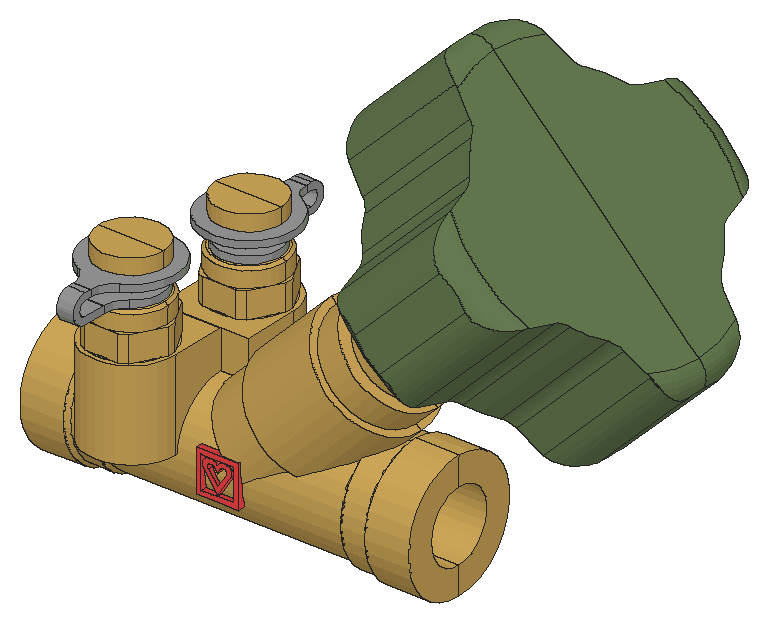
Revit family "HERZ Commissioning Valve With Metering Station For Drinking Water Systems 4017 MW (LF-MF)", category Rohrzubehör, Revit 2020
Family settings
  Bemaßung runder Anschluss = Durchmesser verwenden
  Teiletyp = Unterbricht
  OmniClass-Nummer = 23.65.55.14
  OmniClass-Titel = Valves for Liquid Services
  Arbeitsebenenbasiert = Nein
  Immer vertikal = Ja
  Beim Laden mit Abzugskörper schneiden = Nein
  Gemeinsam genutzt = Nein
Parameters (values of type "LF")
  kvs-value [instance] = if(and(Nennweite = 15.000 mm, LF), 0.46, if(and(Nennweite = 15.000 mm, MF), 0.88, 0))  # 0.46
  kv-value of the orifice [instance] = if(and(Nennweite = 15.000 mm, LF), 0.48, if(and(Nennweite = 15.000 mm, MF), 0.97, 0))  # 0.48
  W01 = 45.00°  # constant formula
  Vorgabe-Ansicht = 0.000 mm
  URL = "www.herzvalves.com"
  SW01 = 60.00°  # constant formula
  SCRNSEQ = "FW;SBT_TYP_FW=\"109\";2"
  SCRNCODE = "04;00;02"  # constant formula
  S03 = 60.000 mm  # constant formula
  S02 [instance] = L04 + L06 + L07  # 76.800 mm
  S01 [instance] = D01 * 2  # 27.000 mm
  R03 = 21.500 mm  # constant formula
  R02 = 9.500 mm  # constant formula
  R01 = 12.000 mm  # constant formula
  O-Rings = "EPDM"  # constant formula
  Note = "Pursuant to Article 33 of the REACH Regulation (EC No. 1907/2006), we are obliged to point out that the material lead is listed on the SVHC list and that all brass components manufactured in our products exceed 0.1% (w / w) lead (CAS: 7439-92-1 / EINECS: 231-100-4).\r\nSince lead is a component part of an alloy, actual exposure is not possible and therefore no additional information on safe use is necessary."
  Model = "According to standard BS 7350 PN20 Series B\r\nAngle seat regulating valve made of copper alloy.\r\nAll metal parts in contact with water are made of dezincification-resistant copper alloy.\r\nThe upper parts are equipped with non-rising stem."
  Medium = "Water"  # constant formula
  MF = no
  LF = yes
  L10 [instance] = 28.500 mm  # constant formula
  L09 [instance] = 22.500 mm  # constant formula
  L08 [instance] = 12.700 mm  # constant formula
  L07 [instance] = 35.100 mm  # constant formula
  L06 [instance] = 6.500 mm  # constant formula
  L05 [instance] = 20.200 mm  # constant formula
  L04 [instance] = 35.200 mm  # constant formula
  L03 [instance] = 1.000 mm  # constant formula
  Hand wheel = "plastic, green"  # constant formula
  H03 [instance] = H01 - 19.000 mm  # 1.000 mm
  H02 = 13.000 mm  # constant formula
  E01 [instance] = L00 / -2  # -41.500 mm
  E00 = 0.000 mm  # constant formula
  D09 [instance] = 11.750 mm  # constant formula
  D08 [instance] = 9.500 mm  # constant formula
  D07 [instance] = 12.000 mm  # constant formula
  D06 [instance] = 13.500 mm  # constant formula
  D05 [instance] = 12.500 mm  # constant formula
  D04 [instance] = Nennweite / 2  # 7.500 mm
  IG [instance] = Nennweite / 2  # 7.500 mm
  D03 [instance] = 11.900 mm  # constant formula
  D02 [instance] = 12.700 mm  # constant formula
  D01 [instance] = 13.500 mm  # constant formula
  Nennweite [instance] = 15.000 mm  # constant formula
  Max. differential pressure on closed seat = 1000000.0 Pa  # constant formula
  Max. operating temperature at 10 bar = 85 °C  # constant formula
  Max. operating pressure at 20°C = 2000000.0 Pa  # constant formula
  L02 [instance] = 5.000 mm  # constant formula
  L01 [instance] = 9.250 mm  # constant formula
  L00 [instance] = 83.000 mm  # constant formula
  Hersteller = "HERZ Armaturen Ges.m.b.H."  # constant formula
  H01 [instance] = 20.000 mm  # constant formula
  GT [instance] = 13.200 mm  # constant formula
  DN15 [instance] = Nennweite = 15.000 mm  # yes
  Body = "DZR brass"  # constant formula
  Bestellnummer [instance] = if(and(Nennweite = 15.000 mm, LF), 2401700, if(and(Nennweite = 15.000 mm, MF), 2401709, 0))  # 2401700
  Application = "For shutting off and regulating drinking water systems in buildings or for hydraulic balancing of supply lines."
Types (3, lengths in mm): name | kvs-value | kv-value of the orifice | MF | LF | Bestellnummer
  (no name) | 0.46 | 0.48 | no | yes | 2401700
  LF | 0.46 | 0.48 | no | yes | 2401700
  MF | 0.88 | 0.97 | yes | no | 2401709
Reference planes
  plane 1 "Mitte (Vorne/hinten)": y = 0
  plane 2: z = 0
  plane 3 "Mitte (Links/rechts)": x = 0
Forms (mm)
  Revolve 1, solid, material "Messing, weicher Gelbton, geschweißt", detail levels fine
    sketch origin (470, 0, 0) x (1, 0, 0) y (0, 0, 1)
      loop
        line (-511.5, 7.5) -> (-498.3, 7.5) -> (-498.3, 0) -> (-441.7, 0) -> (-441.7, 7.5) -> (-428.5, 7.5) -> (-428.5, 13.5) -> (-437.75, 13.5) -> (-438.55, 12.7) -> (-443.55, 12.7) -> (-444.35, 11.9) -> (-495.65, 11.9) -> (-496.45, 12.7) -> (-501.45, 12.7) -> (-502.25, 13.5) -> (-511.5, 13.5) -> (-511.5, 7.5)
      axis (-511.5, 0) -> (-428.5, 0)
    angle from 0 to 360
  Revolve 2, solid, material "Messing, weicher Gelbton, geschweißt", detail levels fine
    sketch origin (0.32, 0, -0.105) x (1, 0, 0) y (0, 0, 1)
      loop
        line (-1.32, 0.105) -> (52.986, 54.411) -> (44.677, 62.719) -> (35.697, 53.739) -> (37.288, 52.148) -> (21.449, 36.309) -> (19.681, 38.076) -> (15.085, 33.48) -> (14.024, 34.541) -> (-0.259, 20.257) -> (0.448, 19.55) -> (-7.098, 12.005) -> (-6.623, 5.408) -> (-1.32, 0.105)
      axis (-1.32, 0.105) -> (52.986, 54.411)
    angle from 0 to 360
  Extrusion 3, solid, material "Messing, weicher Gelbton, geschweißt", detail levels fine
    sketch origin (0, 0, 0) x (1, 0, 0) y (0, 1, 0)
      loop
        arc (-28.5, -12) -> (-19, -21.5) -> (-9.5, -12) r 9.5
        line (-9.5, -12) -> (-9.5, 0) -> (-28.5, 0) -> (-28.5, -12)
    from 1 <- "H03" to 20 <- "H01"
  Extrusion 4, solid, material "Messing, weicher Gelbton, geschweißt", detail levels fine
    sketch origin (0, 0, 0) x (1, 0, 0) y (0, 1, 0)
      loop
        line (-22.5, 12) -> (-22.5, 0) -> (-3.5, 0) -> (-3.5, 12)
        arc (-3.5, 12) -> (-13, 21.5) -> (-22.5, 12) r 9.5
    from 0 to 20 <- "H01"
Lines and regions (mm)
  model lines, detail levels coarse+medium
    curve 1: line (-41.5, 0, 13.5) -> (-41.5, 0, -13.5)
    curve 2: line (-41.5, 0, -13.5) -> (41.5, 0, 13.5)
    curve 3: line (41.5, 0, 13.5) -> (41.5, 0, -13.5)
    curve 4: line (41.5, 0, -13.5) -> (-41.5, 0, 13.5)
    curve 5: line (0, 0, 0) -> (38.4, 0, 66.511)
    curve 6: line (12.419, 0, 81.511) -> (64.381, 0, 51.511)
    curve 7: line (-41.5, -13.5, 0) -> (-41.5, 13.5, 0)
    curve 8: line (-41.5, 13.5, 0) -> (41.5, -13.5, 0)
    curve 9: line (41.5, -13.5, 0) -> (41.5, 13.5, 0)
    curve 10: line (41.5, 13.5, 0) -> (-41.5, -13.5, 0)
    curve 11: line (0, 0, 0) -> (38.4, 66.511, 0)
    curve 12: line (12.419, 81.511, 0) -> (64.381, 51.511, 0)
Dimensions and locks
  "L00": Revolve 1 sketch curve to Revolve 1 sketch curve
  equal spacing: Revolve 1 sketch curve, plane 3 "Mitte (Links/rechts)", Revolve 1 sketch curve
  "D01": Revolve 1 sketch curve to Revolve 1 sketch curve  (x2)
  "GT": Revolve 1 sketch curve to Revolve 1 sketch curve  (x2)
  "D06": Revolve 2 sketch curve to Revolve 2 sketch curve
  "D07": Revolve 2 sketch curve to Revolve 2 sketch curve
  "D08": Revolve 2 sketch curve to Revolve 2 sketch curve
  "D09": Revolve 2 sketch curve to Revolve 2 sketch curve
  equal spacing: curve 1, plane 3 "Mitte (Links/rechts)", curve 3
  "L00": curve 1 to curve 3
  equal spacing: curve 4, plane 2, curve 2
  "S01": curve 4 to curve 1
  "S01": curve 3 to curve 4
  equal spacing: curve 3, plane 2, curve 4
  "S02": curve 5 to curve 5
  equal spacing: curve 6, curve 5, curve 6
  "S03": curve 6 to curve 6
  equal spacing: curve 7, plane 3 "Mitte (Links/rechts)", curve 9
  "L00": curve 7 to curve 9
  equal spacing: curve 10, plane 1 "Mitte (Vorne/hinten)", curve 8
  "S01": curve 8 to curve 10
  equal spacing: curve 9, plane 1 "Mitte (Vorne/hinten)", curve 10
  "S01": curve 10 to curve 9
  "S02": curve 11 to curve 11
  equal spacing: curve 12, curve 11, curve 12
  "S03": curve 12 to curve 12
  "L01": Revolve 1 sketch curve to Revolve 1 sketch curve  (x2)
  "D02": Revolve 1 sketch curve to plane 2  (x2)
  "D03": Revolve 1 sketch curve to plane 2
  "IG": Revolve 1 sketch curve to plane 2  (x2)
  "L02": Revolve 1 sketch curve to Revolve 1 sketch curve  (x2)
  "L04": Revolve 2 sketch curve to Revolve 2 sketch curve
  "L05": Revolve 2 sketch curve to Revolve 2 sketch curve
  "D03": Revolve 2 sketch curve to plane 2
  "L06": Revolve 2 sketch curve to Revolve 2 sketch curve
  "L08": Revolve 2 sketch curve to Revolve 2 sketch curve
  "L07": Revolve 2 sketch curve to Revolve 2 sketch curve
  "D04": Revolve 2 sketch curve to Revolve 2 sketch curve
  "D05": Revolve 2 sketch curve to Revolve 2 sketch curve
  "L03": plane 3 "Mitte (Links/rechts)" to Revolve 2 sketch curve  (x2)
  "D03": nested 1 to plane 1 "Mitte (Vorne/hinten)"
  "L09": Revolve 1 to Extrusion 3 sketch curve
  "R01": Extrusion 3 sketch curve to plane 1 "Mitte (Vorne/hinten)"
  "R01": plane 1 "Mitte (Vorne/hinten)" to Extrusion 4 sketch curve
  "L10": Revolve 1 to Extrusion 4 sketch curve
  "H01": nested 3 to plane 2
  "H01": nested 2 to plane 2
  "R01": nested 3 to plane 1 "Mitte (Vorne/hinten)"
  "R01": plane 1 "Mitte (Vorne/hinten)" to nested 2
  "L10": Revolve 1 to nested 2
  "L09": Revolve 1 to nested 3
  "R02": radius of Extrusion 3 sketch curve
  "R02": radius of Extrusion 4 sketch curve
  "W01": angle level to Revolve 2 sketch curve
  "SW01": angle plane 2 to curve 5
  "SW01": angle plane 1 "Mitte (Vorne/hinten)" to curve 11
  "W01": angle Revolve 1 sketch curve to Revolve 1 sketch curve  (x4)
  "W01": angle plane 2 to Revolve 2 sketch curve
  aligned and locked: level to plane 2
Automatic sketch dimensions
  curve 5 to level = 0.000 mm
  plane 1 "Mitte (Vorne/hinten)" to curve 11 = 0.000 mm
  Revolve 1 sketch curve to level = 0.000 mm  (x2)
  Revolve 1 sketch curve to Revolve 1 sketch curve = 791.990 mm
  Revolve 1 sketch curve to Revolve 1 sketch curve = 2278.983 mm
  Revolve 2 sketch curve to level = 0.000 mm  (x2)
  plane 1 "Mitte (Vorne/hinten)" to Extrusion 3 sketch curve = 0.000 mm
  plane 1 "Mitte (Vorne/hinten)" to Extrusion 4 sketch curve = 0.000 mm
Nested families
  nested 1: "Herz-Logo-vorne" at (0, -11.9, 0) x (0, 1, 0) z (0, 0, 1), type "Herz-Logo-vorne", detail levels fine
  nested 2: "Messstutzen_Band_Austritt_senkrecht_(oben)" at (-13, 12, 2.5), type "Messstutzen_Band_Austritt_senkrecht_(oben)"
    with Schutzkappe yes, Nennweite 0.000 mm, Gewicht 0.00 kg, Bestellnummer 0
  nested 3: "Messstutzen_Band_Eintritt_senkrecht_(oben)" at (-19, -12, 2.5) x (-1, 0, 0) z (0, 0, 1), type "Messstutzen_Band_Eintritt_senkrecht_(oben)"
    with Schutzkappe yes, Nennweite 0.000 mm, Gewicht 0.00 kg, Bestellnummer 0
  nested 4: "Strangregulierventil-Handrad (Grün) DN15-DN32" at (53.306, 0, 54.306), visible <- "DN15", type "Strangregulierventil-Handrad (Grün) DN15-DN32"
    with Nennweite 0.000 mm, Gewicht 0.00 kg, Bestellnummer 0
Connectors
  piping at (-28.3, 0, 0), diameter 15, driven by "Nennweite"
    settings: on Revolve 1, index 1, connector inside diameter 609.6 mm, connector length 0.000 mm, flow factor 0, pipe flow 0.0 L/s, pressure drop 0.0 Pa, fitting loss kfactor 0, connector angle 0.00°, fixture units 0, engagement length 0.000 mm, angle of deflection 0.00°, flow configuration 0, flow direction 1, fitting loss method 0, system type 29, joint type 0, gender type 0, connector reference index -1, connector utility 0, adjustable connector no, is connector primary yes, connector description ""
  piping at (28.3, 0, 0), diameter 15, driven by "Nennweite"
    settings: on Revolve 1, index 2, connector inside diameter 609.6 mm, connector length 0.000 mm, flow factor 0, pipe flow 0.0 L/s, pressure drop 0.0 Pa, fitting loss kfactor 0, connector angle 0.00°, fixture units 0, engagement length 0.000 mm, angle of deflection 0.00°, flow configuration 0, flow direction 2, fitting loss method 0, system type 29, joint type 0, gender type 0, connector reference index -1, connector utility 0, adjustable connector no, is connector primary no, connector description ""
Definition of nested family "Herz-Logo-vorne"
  Parameters (values of type "Herz-Logo-vorne")
    Default Elevation = 0.000 mm
  Reference planes
    plane 1 "Mitte (Vorne/hinten)": y = 0
    plane 2: z = 0
    plane 3 "Mitte (Links/rechts)": x = 0
  Forms (mm)
    Extrusion 1, solid
      sketch origin (0.732, -0.018, 0.017) x (0, -1, 0) y (0, 0, 1)
        loop
          line (-0.018, -4.517) -> (4.482, -4.517) -> (4.482, 4.483) -> (-4.518, 4.483) -> (-4.518, -4.517) -> (-0.018, -4.517)
        loop
          line (-0.05, -3.48) -> (3.482, -3.48) -> (3.482, 3.483) -> (-3.518, 3.483) -> (-3.518, -3.48) -> (-0.05, -3.48)
        loop
          arc (-0.018, 2.383) -> (-1.543, 3.287) -> (-3.067, 2.383) r 1.738
          arc (-3.067, 2.383) -> (-3.191, 1.899) -> (-3.067, 1.415) r 1.009
          line (-3.067, 1.415) -> (-0.018, -3.281) -> (3.032, 1.415)
          arc (3.032, 1.415) -> (3.156, 1.899) -> (3.032, 2.383) r 1.009
          arc (3.032, 2.383) -> (1.507, 3.287) -> (-0.018, 2.383) r 1.738
        loop
          arc (1.885, 1.272) -> (2.005, 1.675) -> (1.885, 2.079) r 0.74
          arc (1.885, 2.079) -> (1.265, 2.416) -> (0.644, 2.079) r 0.74
          line (0.644, 2.079) -> (-0.018, 0.97) -> (-0.679, 2.079)
          arc (-0.679, 2.079) -> (-1.3, 2.416) -> (-1.921, 2.079) r 0.74
          arc (-1.921, 2.079) -> (-2.04, 1.675) -> (-1.921, 1.272) r 0.74
          line (-1.921, 1.272) -> (-0.018, -1.658) -> (1.885, 1.272)
      from 0 to 1.5
  Dimensions and locks
    aligned and locked: level to plane 2
Definition of nested family "Messstutzen_Band_Austritt_senkrecht_(oben)"
  Parameters (values of type "Messstutzen_Band_Austritt_senkrecht_(oben)")
    Default Elevation = 0.000 mm
    URL = "www.herz-armaturen.at"
    Schutzkappe [instance] = yes
    Nennweite [instance] = 0.000 mm
    Manufacturer = "Herz Armaturen GmbH"  # constant formula
    Gewicht [instance] = 0.00 kg
    Bestellnummer [instance] = 0
  Reference planes
    plane 1 "Mitte (Vorne/hinten)": y = 0
    plane 2: z = 0
    plane 3 "Mitte (Links/rechts)": x = 0
    plane 4 "Schlaufe 1": z = -27
    plane 5 "Schlaufe 2": z = -31.678
  Forms (mm)
    Revolve 1, solid, detail levels fine
      sketch origin (0, 0, 0) x (1, 0, 0) y (0, 0, 1)
        loop
          line (-7.4, 9) -> (-5.55, 9) -> (-5.55, 6)
          arc (-5.55, 6) -> (-5.626, 5.617) -> (-5.843, 5.293) r 1
          line (-5.843, 5.293) -> (-6.455, 4.681) -> (-6.455, 0.9) -> (-5.555, 0) -> (-2, 0) -> (-2, 17.5) -> (-8.4, 17.5)
          arc (-8.4, 17.5) -> (-7.693, 17.207) -> (-7.4, 16.5) r 1
          line (-7.4, 16.5) -> (-7.4, 9)
        loop
          line (-3.7, 27) -> (-7.3, 27) -> (-7.9, 26.4) -> (-7.9, 23) -> (-2, 23) -> (-2, 35.8) -> (-3.805, 35.8) -> (-4.415, 35.19) -> (-4.415, 30.863) -> (-3.7, 30.45) -> (-3.7, 27)
        axis (0, 0) -> (0, 35.8)
      angle from 0 to 360
    Extrusion 2, solid, detail levels fine
      sketch origin (0, 0, 17.5) x (0, 1, 0) y (-1, 0, 0)
        loop
          arc (-7.07, 5.156) -> (-7.578, 4.375) -> (-8, 3.544) r 8.75
          line (-8, 3.544) -> (-8, -3.544)
          arc (-8, -3.544) -> (-7.578, -4.375) -> (-7.07, -5.156) r 8.75
          line (-7.07, -5.156) -> (-0.93, -8.7)
          arc (-0.93, -8.7) -> (0, -8.75) -> (0.93, -8.7) r 8.75
          line (0.93, -8.7) -> (7.07, -5.156)
          arc (7.07, -5.156) -> (7.578, -4.375) -> (8, -3.544) r 8.75
          line (8, -3.544) -> (8, 3.544)
          arc (8, 3.544) -> (7.578, 4.375) -> (7.07, 5.156) r 8.75
          line (7.07, 5.156) -> (0.93, 8.7)
          arc (0.93, 8.7) -> (0, 8.75) -> (-0.93, 8.7) r 8.75
          line (-0.93, 8.7) -> (-7.07, 5.156)
      from 0 to 5.5
    Revolve 3, solid, visible <- "Schutzkappe", detail levels fine
      sketch origin (0, 0, 0) x (1, 0, 0) y (0, 0, 1)
        loop
          line (0, 35.878) -> (0, 36.678) -> (-7, 36.678) -> (-7, 33.378) -> (-6.1, 33.378) -> (-6.1, 31.678) -> (-6.9, 31.678) -> (-6.9, 30.178) -> (-4.415, 30.178) -> (-4.415, 35.268) -> (-3.805, 35.878) -> (0, 35.878)
        axis (0, 30.178) -> (0, 36.678)
      angle from 0 to 360
    Extrusion 4, solid, detail levels fine
      sketch origin (0, 0, 28.5) x (1, 0, 0) y (0, 1, 0)
        loop
          circle (0, 0) r 3.7
        loop
          arc (-3.906, 5.505) -> (0, -6.75) -> (3.906, 5.505) r 6.75
          arc (3.906, 5.505) -> (2.358, 7.288) -> (1.8, 9.582) r 5
          line (1.8, 9.582) -> (-1.8, 9.582)
          arc (-1.8, 9.582) -> (-2.358, 7.288) -> (-3.906, 5.505) r 5
      from 0 to -1.5
    Extrusion 5, solid, detail levels fine
      sketch origin (0, 0, 33.178) x (1, 0, 0) y (0, 1, 0)
        loop
          circle (0, 0) r 6.1
        loop
          arc (-4.495, 8.652) -> (0, -9.75) -> (4.495, 8.652) r 9.75
          arc (4.495, 8.652) -> (2.527, 10.493) -> (1.8, 13.089) r 5
          line (1.8, 13.089) -> (-1.8, 13.089)
          arc (-1.8, 13.089) -> (-2.527, 10.493) -> (-4.495, 8.652) r 5
      from 0 to -1.5
    Sweep 6, solid, detail levels fine
      path origin (0, 0, 0) x (0, 0, -1) y (0, -1, 0)
        loop
          line (-27.75, -9.582) -> (-27.75, -14.522)
          arc (-27.75, -14.522) -> (-30.089, -16.862) -> (-32.428, -14.522) r 2.339
          line (-32.428, -14.522) -> (-32.428, -13.089)
      profile origin (0, 12.052, 27.75) x (0, 0, 1) y (1, 0, 0)
        loop
          line (-0.75, -1.8) -> (0.75, -1.8) -> (0.75, 1.8) -> (-0.75, 1.8) -> (-0.75, -1.8)
  Dimensions and locks
    aligned and locked: level to plane 2
Definition of nested family "Messstutzen_Band_Eintritt_senkrecht_(oben)"
  Parameters (values of type "Messstutzen_Band_Eintritt_senkrecht_(oben)")
    Default Elevation = 0.000 mm
    URL = "www.herz-armaturen.at"
    Schutzkappe [instance] = yes
    Nennweite [instance] = 0.000 mm
    Manufacturer = "Herz Armaturen GmbH"  # constant formula
    Gewicht [instance] = 0.00 kg
    Bestellnummer [instance] = 0
  Reference planes
    plane 1 "Mitte (Vorne/hinten)": y = 0
    plane 2: z = 0
    plane 3 "Mitte (Links/rechts)": x = 0
    plane 4 "Schlaufe 1": z = -27
    plane 5 "Schlaufe 2": z = -31.678
  Forms (mm)
    Revolve 1, solid, detail levels fine
      sketch origin (0, 0, 0) x (1, 0, 0) y (0, 0, 1)
        loop
          line (-7.4, 9) -> (-5.55, 9) -> (-5.55, 6)
          arc (-5.55, 6) -> (-5.626, 5.617) -> (-5.843, 5.293) r 1
          line (-5.843, 5.293) -> (-6.455, 4.681) -> (-6.455, 0.9) -> (-5.555, 0) -> (-2, 0) -> (-2, 17.5) -> (-8.4, 17.5)
          arc (-8.4, 17.5) -> (-7.693, 17.207) -> (-7.4, 16.5) r 1
          line (-7.4, 16.5) -> (-7.4, 9)
        loop
          line (-3.7, 27) -> (-7.3, 27) -> (-7.9, 26.4) -> (-7.9, 23) -> (-2, 23) -> (-2, 35.8) -> (-3.805, 35.8) -> (-4.415, 35.19) -> (-4.415, 30.863) -> (-3.7, 30.45) -> (-3.7, 27)
        axis (0, 0) -> (0, 35.8)
      angle from 0 to 360
    Extrusion 2, solid, detail levels fine
      sketch origin (0, 0, 17.5) x (0, 1, 0) y (-1, 0, 0)
        loop
          arc (-7.07, 5.156) -> (-7.578, 4.375) -> (-8, 3.544) r 8.75
          line (-8, 3.544) -> (-8, -3.544)
          arc (-8, -3.544) -> (-7.578, -4.375) -> (-7.07, -5.156) r 8.75
          line (-7.07, -5.156) -> (-0.93, -8.7)
          arc (-0.93, -8.7) -> (0, -8.75) -> (0.93, -8.7) r 8.75
          line (0.93, -8.7) -> (7.07, -5.156)
          arc (7.07, -5.156) -> (7.578, -4.375) -> (8, -3.544) r 8.75
          line (8, -3.544) -> (8, 3.544)
          arc (8, 3.544) -> (7.578, 4.375) -> (7.07, 5.156) r 8.75
          line (7.07, 5.156) -> (0.93, 8.7)
          arc (0.93, 8.7) -> (0, 8.75) -> (-0.93, 8.7) r 8.75
          line (-0.93, 8.7) -> (-7.07, 5.156)
      from 0 to 5.5
    Revolve 3, solid, visible <- "Schutzkappe", detail levels fine
      sketch origin (0, 0, 0) x (1, 0, 0) y (0, 0, 1)
        loop
          line (0, 35.878) -> (0, 36.678) -> (-7, 36.678) -> (-7, 33.378) -> (-6.1, 33.378) -> (-6.1, 31.678) -> (-6.9, 31.678) -> (-6.9, 30.178) -> (-4.415, 30.178) -> (-4.415, 35.268) -> (-3.805, 35.878) -> (0, 35.878)
        axis (0, 30.178) -> (0, 36.678)
      angle from 0 to 360
    Extrusion 4, solid, detail levels fine
      sketch origin (0, 0, 28.5) x (1, 0, 0) y (0, 1, 0)
        loop
          circle (0, 0) r 3.7
        loop
          arc (-3.906, 5.505) -> (0, -6.75) -> (3.906, 5.505) r 6.75
          arc (3.906, 5.505) -> (2.358, 7.288) -> (1.8, 9.582) r 5
          line (1.8, 9.582) -> (-1.8, 9.582)
          arc (-1.8, 9.582) -> (-2.358, 7.288) -> (-3.906, 5.505) r 5
      from 0 to -1.5
    Extrusion 5, solid, detail levels fine
      sketch origin (0, 0, 33.178) x (1, 0, 0) y (0, 1, 0)
        loop
          circle (0, 0) r 6.1
        loop
          arc (-4.495, 8.652) -> (0, -9.75) -> (4.495, 8.652) r 9.75
          arc (4.495, 8.652) -> (2.527, 10.493) -> (1.8, 13.089) r 5
          line (1.8, 13.089) -> (-1.8, 13.089)
          arc (-1.8, 13.089) -> (-2.527, 10.493) -> (-4.495, 8.652) r 5
      from 0 to -1.5
    Sweep 6, solid, detail levels fine
      path origin (0, 0, 0) x (0, 0, -1) y (0, -1, 0)
        loop
          line (-27.75, -9.582) -> (-27.75, -14.522)
          arc (-27.75, -14.522) -> (-30.089, -16.862) -> (-32.428, -14.522) r 2.339
          line (-32.428, -14.522) -> (-32.428, -13.089)
      profile origin (0, 12.052, 27.75) x (0, 0, 1) y (1, 0, 0)
        loop
          line (-0.75, -1.8) -> (0.75, -1.8) -> (0.75, 1.8) -> (-0.75, 1.8) -> (-0.75, -1.8)
  Dimensions and locks
    aligned and locked: level to plane 2
Definition of nested family "Strangregulierventil-Handrad (Grün) DN15-DN32"
  Parameters (values of type "Strangregulierventil-Handrad (Grün) DN15-DN32")
    Default Elevation = 0.000 mm
    URL = "www.herz-armaturen.at"
    Nennweite [instance] = 0.000 mm
    Manufacturer = "Herz Armaturen GmbH"  # constant formula
    Gewicht [instance] = 0.00 kg
    Bestellnummer [instance] = 0
  Reference planes
    plane 1 "Mitte (Vorne/hinten)": y = 0
    plane 2: z = 0
    plane 3 "Mitte (Links/rechts)": x = 0
  Forms (mm)
    Revolve 1, solid, detail levels fine
      sketch origin (0, 0, 0) x (0.707107, 0, -0.707107) y (0.707107, 0, 0.707107)
        loop
          line (0, 0) -> (0, 24.95) -> (-30.992, 24.95)
          arc (-30.992, 24.95) -> (-34.37, 23.636) -> (-35.973, 20.386) r 5
          line (-35.973, 20.386) -> (-37, 8.65) -> (-35.986, -2.936)
          arc (-35.986, -2.936) -> (-34.383, -6.186) -> (-31.005, -7.5) r 5
          line (-31.005, -7.5) -> (-15, -7.5) -> (-15, 0) -> (0, 0)
        axis (0, 24.95) -> (0, -7.5)
      angle from 0 to 360
    Extrusion 2, void
      sketch origin (14.354, 0, 14.354) x (0.707107, 0, -0.707107) y (0, 1, 0)
        loop
          line (3.861, 35.5) -> (-3.861, 35.5)
          arc (-3.861, 35.5) -> (-8.731, 33.847) -> (-11.589, 29.571) r 8
          line (-11.589, 29.571) -> (-13.284, 23.245)
          arc (-13.284, 23.245) -> (-13.982, 21.722) -> (-15.144, 20.516) r 5
          arc (-15.144, 20.516) -> (-18.031, 18.031) -> (-20.516, 15.144) r 25.5
          arc (-20.516, 15.144) -> (-21.722, 13.982) -> (-23.245, 13.284) r 5
          line (-23.245, 13.284) -> (-29.571, 11.589)
          arc (-29.571, 11.589) -> (-33.847, 8.731) -> (-35.5, 3.861) r 8
          line (-35.5, 3.861) -> (-35.5, -3.861)
          arc (-35.5, -3.861) -> (-33.847, -8.731) -> (-29.571, -11.589) r 8
          line (-29.571, -11.589) -> (-23.245, -13.284)
          arc (-23.245, -13.284) -> (-21.722, -13.982) -> (-20.516, -15.144) r 5
          arc (-20.516, -15.144) -> (-18.031, -18.031) -> (-15.144, -20.516) r 25.5
          arc (-15.144, -20.516) -> (-13.982, -21.722) -> (-13.284, -23.245) r 5
          line (-13.284, -23.245) -> (-11.589, -29.571)
          arc (-11.589, -29.571) -> (-8.731, -33.847) -> (-3.861, -35.5) r 8
          line (-3.861, -35.5) -> (3.861, -35.5)
          arc (3.861, -35.5) -> (8.731, -33.847) -> (11.589, -29.571) r 8
          line (11.589, -29.571) -> (13.284, -23.245)
          arc (13.284, -23.245) -> (13.982, -21.722) -> (15.144, -20.516) r 5
          arc (15.144, -20.516) -> (18.031, -18.031) -> (20.516, -15.144) r 25.5
          arc (20.516, -15.144) -> (21.722, -13.982) -> (23.245, -13.284) r 5
          line (23.245, -13.284) -> (29.571, -11.589)
          arc (29.571, -11.589) -> (33.847, -8.731) -> (35.5, -3.861) r 8
          line (35.5, -3.861) -> (35.5, 3.861)
          arc (35.5, 3.861) -> (33.847, 8.731) -> (29.571, 11.589) r 8
          line (29.571, 11.589) -> (23.245, 13.284)
          arc (23.245, 13.284) -> (21.722, 13.982) -> (20.516, 15.144) r 5
          arc (20.516, 15.144) -> (18.031, 18.031) -> (15.144, 20.516) r 25.5
          arc (15.144, 20.516) -> (13.982, 21.722) -> (13.284, 23.245) r 5
          line (13.284, 23.245) -> (11.589, 29.571)
          arc (11.589, 29.571) -> (8.731, 33.847) -> (3.861, 35.5) r 8
        loop
          circle (0, 0) r 38
      from -31.266 to 7.923
  Cuts and joins
    Extrusion 2 cuts Revolve 1
  Dimensions and locks
    Revolve 1 sketch curve to Revolve 1 sketch curve = 15.000 mm
    Revolve 1 sketch curve to Revolve 1 sketch curve = 16.150 mm
    Revolve 1 sketch curve to Revolve 1 sketch curve = 16.300 mm
    angle Revolve 1 sketch curve to Revolve 1 sketch curve = 95.00°
    aligned and locked: level to plane 2
